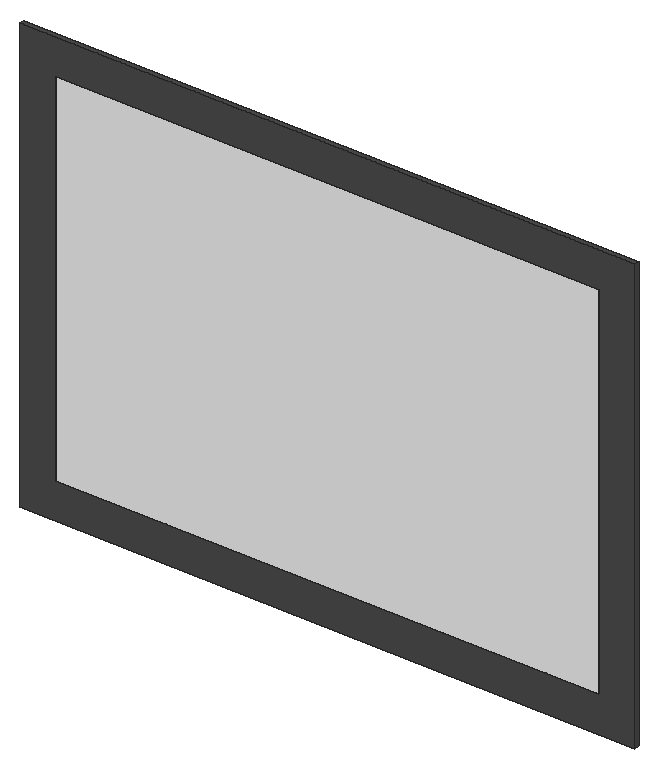
Revit family "M_Mirror-Rectangle w-o frame", category Generic Models, host Wall, Revit 2012
Parameters (values of type "600 x 1200mm")
  kader = yes
  framedikte = 80 mm
  Width = 1200 mm
  Mounting Height = 2000 mm
  Height = 800 mm
  Frame Material = framematerial
  Assembly Code = ""
Types (3, lengths in mm): name | framedikte | Width | Mounting Height | Height | Frame Material
  600 x 1200mm | 80 | 1200 | 2000 | 800 | framematerial
  600 x 300mm | 30 | 600 | 1500 | 300 | Wood - Birch
  450 x 900mm | 30 | 450 | 1500 | 900 | Wood - Birch
Reference planes
  plane 1: y = 0
  plane 2 "Center (Left/Right)": x = 0
  plane 3 "Wall Edge": y = 76.2
  plane 4: z = 1600
  plane 5: z = 2000
  plane 6: z = 1200
  plane 7: x = 600
  plane 8: x = -600
  plane 9: y = 82.55
  plane 10: y = 85.725
Forms (mm)
  Extrusion 1, solid, material "Mirror"
    sketch origin (0, 76.2, 0) x (1, 0, 0) y (0, 0, 1)
      loop
        line (920, 1907.3) -> (-280, 1907.3) -> (-280, 1107.3) -> (920, 1107.3) -> (920, 1907.3)
    from -6.35 to 0
  Extrusion 2, solid, material "framematerial" <- "Frame Material", visible <- "kader"
    sketch origin (0, 76.2, 0) x (1, 0, 0) y (0, 0, 1)
      loop
        line (-360, 1987.3) -> (-360, 1027.3) -> (1000, 1027.3) -> (1000, 1987.3) -> (-360, 1987.3)
      loop
        line (920, 1107.3) -> (920, 1907.3) -> (-280, 1907.3) -> (-280, 1107.3) -> (920, 1107.3)
    from -9.525 to 0
Lines and regions (mm)
  Masking region 1
    outline origin (0, 0, 0) x (1, 0, 0) y (0, 1, 0)
      loop
        line (-600, 85.725) -> (-600, 76.2) -> (600, 76.2) -> (600, 85.725) -> (-600, 85.725)
Text (mm)
  text "Placement Side" at (0, 1019.848, 3124.603), in view "Right"
  text "Placement Side" at (-1245.487, 723.012, 0), in view "Ref. Level"
  text "Placement Side" at (0, 1715.653, 2388.308), in view "Left"
Dimensions and locks
  locked: plane 3 "Wall Edge" to host wall
  "Height": plane 6 to plane 5
  "Width": plane 7 to plane 8
  equal spacing: plane 7, plane 2 "Center (Left/Right)", plane 8
  equal spacing: plane 6, plane 4, plane 5
  "Mounting Height": level to plane 5
  locked: plane 3 "Wall Edge" to plane 9 at 6.35
  locked: plane 9 to plane 10 at 3.175
  "framedikte": Extrusion 2 sketch curve to Extrusion 2 sketch curve  (x4)
  "Width": Extrusion 1 to Extrusion 1
  "Height": Extrusion 1 to Extrusion 1
  aligned and locked: plane 3 "Wall Edge" to Extrusion 1
  aligned and locked: Extrusion 1 to plane 9
  aligned and locked: plane 3 "Wall Edge" to Extrusion 2
  aligned and locked: Extrusion 2 to plane 10
  aligned and locked: Masking region 1 sketch curve to plane 3 "Wall Edge"
  aligned and locked: Masking region 1 sketch curve to plane 10
  aligned and locked: plane 8 to Masking region 1 sketch curve
  aligned and locked: Masking region 1 sketch curve to plane 7
  aligned and locked: Extrusion 1 sketch curve to Extrusion 2  (x4)
Automatic sketch dimensions
  plane 6 to Extrusion 2 sketch curve = 172.7 mm
  plane 8 to Extrusion 2 sketch curve = 240 mm
  plane 7 to Extrusion 2 sketch curve = 320 mm
  Extrusion 2 sketch curve to plane 5 = 12.7 mm
